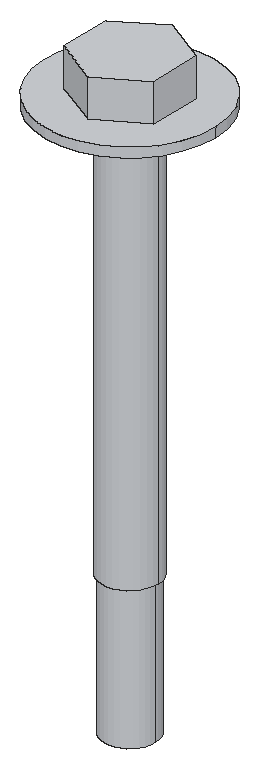
Revit family "Generic ISO Metric Bolt", category Generic Models, Revit 2022 (continued)
Types in the file's own list only (983): name | r2 | Default Elevation | Thread Material | Shank | Nominal Diameter | Material | Length
  M14 x 200 w/shank Steel galvanized | 7 mm | 1219 mm | GIMBA - Steel galvanized - M14 thread | Yes | 14 mm | GIMBA - Steel galvanized | 200 mm
  M14 x 220 Steel galvanized | 7 mm | 1219 mm | GIMBA - Steel galvanized - M14 thread | No | 14 mm | GIMBA - Steel galvanized | 220 mm
  M14 x 220 w/shank Steel galvanized | 7 mm | 1219 mm | GIMBA - Steel galvanized - M14 thread | Yes | 14 mm | GIMBA - Steel galvanized | 220 mm
  M16 x 12 Steel galvanized | 8 mm | 1219 mm | GIMBA - Steel galvanized - M16 thread | No | 16 mm | GIMBA - Steel galvanized | 12 mm
  M16 x 16 Steel galvanized | 8 mm | 1219 mm | GIMBA - Steel galvanized - M16 thread | No | 16 mm | GIMBA - Steel galvanized | 16 mm
  M16 x 20 Steel galvanized | 8 mm | 1219 mm | GIMBA - Steel galvanized - M16 thread | No | 16 mm | GIMBA - Steel galvanized | 20 mm
  M16 x 25 Steel galvanized | 8 mm | 1219 mm | GIMBA - Steel galvanized - M16 thread | No | 16 mm | GIMBA - Steel galvanized | 25 mm
  M16 x 30 Steel galvanized | 8 mm | 1219 mm | GIMBA - Steel galvanized - M16 thread | No | 16 mm | GIMBA - Steel galvanized | 30 mm
  M16 x 35 Steel galvanized | 8 mm | 1219 mm | GIMBA - Steel galvanized - M16 thread | No | 16 mm | GIMBA - Steel galvanized | 35 mm
  M16 x 40 Steel galvanized | 8 mm | 1219 mm | GIMBA - Steel galvanized - M16 thread | No | 16 mm | GIMBA - Steel galvanized | 40 mm
  M16 x 45 Steel galvanized | 8 mm | 1219 mm | GIMBA - Steel galvanized - M16 thread | No | 16 mm | GIMBA - Steel galvanized | 45 mm
  M16 x 50 Steel galvanized | 8 mm | 1219 mm | GIMBA - Steel galvanized - M16 thread | No | 16 mm | GIMBA - Steel galvanized | 50 mm
  M16 x 55 Steel galvanized | 8 mm | 1219 mm | GIMBA - Steel galvanized - M16 thread | No | 16 mm | GIMBA - Steel galvanized | 55 mm
  M16 x 55 w/shank Steel galvanized | 8 mm | 1219 mm | GIMBA - Steel galvanized - M16 thread | Yes | 16 mm | GIMBA - Steel galvanized | 55 mm
  M16 x 60 Steel galvanized | 8 mm | 1219 mm | GIMBA - Steel galvanized - M16 thread | No | 16 mm | GIMBA - Steel galvanized | 60 mm
  M16 x 60 w/shank Steel galvanized | 8 mm | 1219 mm | GIMBA - Steel galvanized - M16 thread | Yes | 16 mm | GIMBA - Steel galvanized | 60 mm
  M16 x 65 Steel galvanized | 8 mm | 1219 mm | GIMBA - Steel galvanized - M16 thread | No | 16 mm | GIMBA - Steel galvanized | 65 mm
  M16 x 65 w/shank Steel galvanized | 8 mm | 1219 mm | GIMBA - Steel galvanized - M16 thread | Yes | 16 mm | GIMBA - Steel galvanized | 65 mm
  M16 x 70 Steel galvanized | 8 mm | 1219 mm | GIMBA - Steel galvanized - M16 thread | No | 16 mm | GIMBA - Steel galvanized | 70 mm
  M16 x 70 w/shank Steel galvanized | 8 mm | 1219 mm | GIMBA - Steel galvanized - M16 thread | Yes | 16 mm | GIMBA - Steel galvanized | 70 mm
  M16 x 75 Steel galvanized | 8 mm | 1219 mm | GIMBA - Steel galvanized - M16 thread | No | 16 mm | GIMBA - Steel galvanized | 75 mm
  M16 x 75 w/shank Steel galvanized | 8 mm | 1219 mm | GIMBA - Steel galvanized - M16 thread | Yes | 16 mm | GIMBA - Steel galvanized | 75 mm
  M16 x 80 Steel galvanized | 8 mm | 1219 mm | GIMBA - Steel galvanized - M16 thread | No | 16 mm | GIMBA - Steel galvanized | 80 mm
  M16 x 80 w/shank Steel galvanized | 8 mm | 1219 mm | GIMBA - Steel galvanized - M16 thread | Yes | 16 mm | GIMBA - Steel galvanized | 80 mm
  M16 x 85 Steel galvanized | 8 mm | 1219 mm | GIMBA - Steel galvanized - M16 thread | No | 16 mm | GIMBA - Steel galvanized | 85 mm
  M16 x 85 w/shank Steel galvanized | 8 mm | 1219 mm | GIMBA - Steel galvanized - M16 thread | Yes | 16 mm | GIMBA - Steel galvanized | 85 mm
  M16 x 90 Steel galvanized | 8 mm | 1219 mm | GIMBA - Steel galvanized - M16 thread | No | 16 mm | GIMBA - Steel galvanized | 90 mm
  M16 x 90 w/shank Steel galvanized | 8 mm | 1219 mm | GIMBA - Steel galvanized - M16 thread | Yes | 16 mm | GIMBA - Steel galvanized | 90 mm
  M16 x 95 Steel galvanized | 8 mm | 1219 mm | GIMBA - Steel galvanized - M16 thread | No | 16 mm | GIMBA - Steel galvanized | 95 mm
  M16 x 95 w/shank Steel galvanized | 8 mm | 1219 mm | GIMBA - Steel galvanized - M16 thread | Yes | 16 mm | GIMBA - Steel galvanized | 95 mm
  M16 x 100 Steel galvanized | 8 mm | 1219 mm | GIMBA - Steel galvanized - M16 thread | No | 16 mm | GIMBA - Steel galvanized | 100 mm
  M16 x 100 w/shank Steel galvanized | 8 mm | 1219 mm | GIMBA - Steel galvanized - M16 thread | Yes | 16 mm | GIMBA - Steel galvanized | 100 mm
  M16 x 110 Steel galvanized | 8 mm | 1219 mm | GIMBA - Steel galvanized - M16 thread | No | 16 mm | GIMBA - Steel galvanized | 110 mm
  M16 x 110 w/shank Steel galvanized | 8 mm | 1219 mm | GIMBA - Steel galvanized - M16 thread | Yes | 16 mm | GIMBA - Steel galvanized | 110 mm
  M16 x 120 Steel galvanized | 8 mm | 1219 mm | GIMBA - Steel galvanized - M16 thread | No | 16 mm | GIMBA - Steel galvanized | 120 mm
  M16 x 120 w/shank Steel galvanized | 8 mm | 1219 mm | GIMBA - Steel galvanized - M16 thread | Yes | 16 mm | GIMBA - Steel galvanized | 120 mm
  M16 x 130 Steel galvanized | 8 mm | 1219 mm | GIMBA - Steel galvanized - M16 thread | No | 16 mm | GIMBA - Steel galvanized | 130 mm
  M16 x 130 w/shank Steel galvanized | 8 mm | 1219 mm | GIMBA - Steel galvanized - M16 thread | Yes | 16 mm | GIMBA - Steel galvanized | 130 mm
  M16 x 140 Steel galvanized | 8 mm | 1219 mm | GIMBA - Steel galvanized - M16 thread | No | 16 mm | GIMBA - Steel galvanized | 140 mm
  M16 x 140 w/shank Steel galvanized | 8 mm | 1219 mm | GIMBA - Steel galvanized - M16 thread | Yes | 16 mm | GIMBA - Steel galvanized | 140 mm
  M16 x 150 Steel galvanized | 8 mm | 1219 mm | GIMBA - Steel galvanized - M16 thread | No | 16 mm | GIMBA - Steel galvanized | 150 mm
  M16 x 150 w/shank Steel galvanized | 8 mm | 1219 mm | GIMBA - Steel galvanized - M16 thread | Yes | 16 mm | GIMBA - Steel galvanized | 150 mm
  M16 x 160 Steel galvanized | 8 mm | 1219 mm | GIMBA - Steel galvanized - M16 thread | No | 16 mm | GIMBA - Steel galvanized | 160 mm
  M16 x 160 w/shank Steel galvanized | 8 mm | 1219 mm | GIMBA - Steel galvanized - M16 thread | Yes | 16 mm | GIMBA - Steel galvanized | 160 mm
  M16 x 170 Steel galvanized | 8 mm | 1219 mm | GIMBA - Steel galvanized - M16 thread | No | 16 mm | GIMBA - Steel galvanized | 170 mm
  M16 x 170 w/shank Steel galvanized | 8 mm | 1219 mm | GIMBA - Steel galvanized - M16 thread | Yes | 16 mm | GIMBA - Steel galvanized | 170 mm
  M16 x 180 Steel galvanized | 8 mm | 1219 mm | GIMBA - Steel galvanized - M16 thread | No | 16 mm | GIMBA - Steel galvanized | 180 mm
  M16 x 180 w/shank Steel galvanized | 8 mm | 1219 mm | GIMBA - Steel galvanized - M16 thread | Yes | 16 mm | GIMBA - Steel galvanized | 180 mm
  M16 x 190 Steel galvanized | 8 mm | 1219 mm | GIMBA - Steel galvanized - M16 thread | No | 16 mm | GIMBA - Steel galvanized | 190 mm
  M16 x 190 w/shank Steel galvanized | 8 mm | 1219 mm | GIMBA - Steel galvanized - M16 thread | Yes | 16 mm | GIMBA - Steel galvanized | 190 mm
  M16 x 200 Steel galvanized | 8 mm | 1219 mm | GIMBA - Steel galvanized - M16 thread | No | 16 mm | GIMBA - Steel galvanized | 200 mm
  M16 x 200 w/shank Steel galvanized | 8 mm | 1219 mm | GIMBA - Steel galvanized - M16 thread | Yes | 16 mm | GIMBA - Steel galvanized | 200 mm
  M16 x 210 Steel galvanized | 8 mm | 1219 mm | GIMBA - Steel galvanized - M16 thread | No | 16 mm | GIMBA - Steel galvanized | 210 mm
  M16 x 210 w/shank Steel galvanized | 8 mm | 1219 mm | GIMBA - Steel galvanized - M16 thread | Yes | 16 mm | GIMBA - Steel galvanized | 210 mm
  M16 x 220 Steel galvanized | 8 mm | 1219 mm | GIMBA - Steel galvanized - M16 thread | No | 16 mm | GIMBA - Steel galvanized | 220 mm
  M16 x 220 w/shank Steel galvanized | 8 mm | 1219 mm | GIMBA - Steel galvanized - M16 thread | Yes | 16 mm | GIMBA - Steel galvanized | 220 mm
  M16 x 230 Steel galvanized | 8 mm | 1219 mm | GIMBA - Steel galvanized - M16 thread | No | 16 mm | GIMBA - Steel galvanized | 230 mm
  M16 x 230 w/shank Steel galvanized | 8 mm | 1219 mm | GIMBA - Steel galvanized - M16 thread | Yes | 16 mm | GIMBA - Steel galvanized | 230 mm
  M16 x 240 Steel galvanized | 8 mm | 1219 mm | GIMBA - Steel galvanized - M16 thread | No | 16 mm | GIMBA - Steel galvanized | 240 mm
  M16 x 240 w/shank Steel galvanized | 8 mm | 1219 mm | GIMBA - Steel galvanized - M16 thread | Yes | 16 mm | GIMBA - Steel galvanized | 240 mm
  M16 x 250 Steel galvanized | 8 mm | 1219 mm | GIMBA - Steel galvanized - M16 thread | No | 16 mm | GIMBA - Steel galvanized | 250 mm
  M16 x 250 w/shank Steel galvanized | 8 mm | 1219 mm | GIMBA - Steel galvanized - M16 thread | Yes | 16 mm | GIMBA - Steel galvanized | 250 mm
  M16 x 260 Steel galvanized | 8 mm | 1219 mm | GIMBA - Steel galvanized - M16 thread | No | 16 mm | GIMBA - Steel galvanized | 260 mm
  M16 x 260 w/shank Steel galvanized | 8 mm | 1219 mm | GIMBA - Steel galvanized - M16 thread | Yes | 16 mm | GIMBA - Steel galvanized | 260 mm
  M16 x 280 Steel galvanized | 8 mm | 1219 mm | GIMBA - Steel galvanized - M16 thread | No | 16 mm | GIMBA - Steel galvanized | 280 mm
  M16 x 280 w/shank Steel galvanized | 8 mm | 1219 mm | GIMBA - Steel galvanized - M16 thread | Yes | 16 mm | GIMBA - Steel galvanized | 280 mm
  M16 x 300 Steel galvanized | 8 mm | 1219 mm | GIMBA - Steel galvanized - M16 thread | No | 16 mm | GIMBA - Steel galvanized | 300 mm
  M16 x 300 w/shank Steel galvanized | 8 mm | 1219 mm | GIMBA - Steel galvanized - M16 thread | Yes | 16 mm | GIMBA - Steel galvanized | 300 mm
  M16 x 320 Steel galvanized | 8 mm | 1219 mm | GIMBA - Steel galvanized - M16 thread | No | 16 mm | GIMBA - Steel galvanized | 320 mm
  M16 x 320 w/shank Steel galvanized | 8 mm | 1219 mm | GIMBA - Steel galvanized - M16 thread | Yes | 16 mm | GIMBA - Steel galvanized | 320 mm
  M16 x 340 Steel galvanized | 8 mm | 1219 mm | GIMBA - Steel galvanized - M16 thread | No | 16 mm | GIMBA - Steel galvanized | 340 mm
  M16 x 340 w/shank Steel galvanized | 8 mm | 1219 mm | GIMBA - Steel galvanized - M16 thread | Yes | 16 mm | GIMBA - Steel galvanized | 340 mm
  M16 x 400 Steel galvanized | 8 mm | 1219 mm | GIMBA - Steel galvanized - M16 thread | No | 16 mm | GIMBA - Steel galvanized | 400 mm
  M16 x 400 w/shank Steel galvanized | 8 mm | 1219 mm | GIMBA - Steel galvanized - M16 thread | Yes | 16 mm | GIMBA - Steel galvanized | 400 mm
  M16 x 500 Steel galvanized | 8 mm | 1219 mm | GIMBA - Steel galvanized - M16 thread | No | 16 mm | GIMBA - Steel galvanized | 500 mm
  M16 x 500 w/shank Steel galvanized | 8 mm | 1219 mm | GIMBA - Steel galvanized - M16 thread | Yes | 16 mm | GIMBA - Steel galvanized | 500 mm
  M18 x 20 Steel galvanized | 9 mm | 1219 mm | GIMBA - Steel galvanized - M18 thread | No | 18 mm | GIMBA - Steel galvanized | 20 mm
  M18 x 25 Steel galvanized | 9 mm | 1219 mm | GIMBA - Steel galvanized - M18 thread | No | 18 mm | GIMBA - Steel galvanized | 25 mm
  M18 x 30 Steel galvanized | 9 mm | 1219 mm | GIMBA - Steel galvanized - M18 thread | No | 18 mm | GIMBA - Steel galvanized | 30 mm
  M18 x 35 Steel galvanized | 9 mm | 1219 mm | GIMBA - Steel galvanized - M18 thread | No | 18 mm | GIMBA - Steel galvanized | 35 mm
  M18 x 40 Steel galvanized | 9 mm | 1219 mm | GIMBA - Steel galvanized - M18 thread | No | 18 mm | GIMBA - Steel galvanized | 40 mm
  M18 x 45 Steel galvanized | 9 mm | 1219 mm | GIMBA - Steel galvanized - M18 thread | No | 18 mm | GIMBA - Steel galvanized | 45 mm
  M18 x 50 Steel galvanized | 9 mm | 1219 mm | GIMBA - Steel galvanized - M18 thread | No | 18 mm | GIMBA - Steel galvanized | 50 mm
  M18 x 55 Steel galvanized | 9 mm | 1219 mm | GIMBA - Steel galvanized - M18 thread | No | 18 mm | GIMBA - Steel galvanized | 55 mm
  M18 x 55 w/shank Steel galvanized | 9 mm | 1219 mm | GIMBA - Steel galvanized - M18 thread | Yes | 18 mm | GIMBA - Steel galvanized | 55 mm
  M18 x 60 Steel galvanized | 9 mm | 1219 mm | GIMBA - Steel galvanized - M18 thread | No | 18 mm | GIMBA - Steel galvanized | 60 mm
  M18 x 60 w/shank Steel galvanized | 9 mm | 1219 mm | GIMBA - Steel galvanized - M18 thread | Yes | 18 mm | GIMBA - Steel galvanized | 60 mm
  M18 x 65 Steel galvanized | 9 mm | 1219 mm | GIMBA - Steel galvanized - M18 thread | No | 18 mm | GIMBA - Steel galvanized | 65 mm
  M18 x 65 w/shank Steel galvanized | 9 mm | 1219 mm | GIMBA - Steel galvanized - M18 thread | Yes | 18 mm | GIMBA - Steel galvanized | 65 mm
  M18 x 70 Steel galvanized | 9 mm | 1219 mm | GIMBA - Steel galvanized - M18 thread | No | 18 mm | GIMBA - Steel galvanized | 70 mm
  M18 x 70 w/shank Steel galvanized | 9 mm | 1219 mm | GIMBA - Steel galvanized - M18 thread | Yes | 18 mm | GIMBA - Steel galvanized | 70 mm
  M18 x 75 Steel galvanized | 9 mm | 1219 mm | GIMBA - Steel galvanized - M18 thread | No | 18 mm | GIMBA - Steel galvanized | 75 mm
  M18 x 75 w/shank Steel galvanized | 9 mm | 1219 mm | GIMBA - Steel galvanized - M18 thread | Yes | 18 mm | GIMBA - Steel galvanized | 75 mm
  M18 x 80 Steel galvanized | 9 mm | 1219 mm | GIMBA - Steel galvanized - M18 thread | No | 18 mm | GIMBA - Steel galvanized | 80 mm
  M18 x 80 w/shank Steel galvanized | 9 mm | 1219 mm | GIMBA - Steel galvanized - M18 thread | Yes | 18 mm | GIMBA - Steel galvanized | 80 mm
  M18 x 85 Steel galvanized | 9 mm | 1219 mm | GIMBA - Steel galvanized - M18 thread | No | 18 mm | GIMBA - Steel galvanized | 85 mm
  M18 x 85 w/shank Steel galvanized | 9 mm | 1219 mm | GIMBA - Steel galvanized - M18 thread | Yes | 18 mm | GIMBA - Steel galvanized | 85 mm
  M18 x 90 Steel galvanized | 9 mm | 1219 mm | GIMBA - Steel galvanized - M18 thread | No | 18 mm | GIMBA - Steel galvanized | 90 mm
  M18 x 90 w/shank Steel galvanized | 9 mm | 1219 mm | GIMBA - Steel galvanized - M18 thread | Yes | 18 mm | GIMBA - Steel galvanized | 90 mm
  M18 x 100 Steel galvanized | 9 mm | 1219 mm | GIMBA - Steel galvanized - M18 thread | No | 18 mm | GIMBA - Steel galvanized | 100 mm
  M18 x 100 w/shank Steel galvanized | 9 mm | 1219 mm | GIMBA - Steel galvanized - M18 thread | Yes | 18 mm | GIMBA - Steel galvanized | 100 mm
  M18 x 110 Steel galvanized | 9 mm | 1219 mm | GIMBA - Steel galvanized - M18 thread | No | 18 mm | GIMBA - Steel galvanized | 110 mm
  M18 x 110 w/shank Steel galvanized | 9 mm | 1219 mm | GIMBA - Steel galvanized - M18 thread | Yes | 18 mm | GIMBA - Steel galvanized | 110 mm
  M18 x 120 Steel galvanized | 9 mm | 1219 mm | GIMBA - Steel galvanized - M18 thread | No | 18 mm | GIMBA - Steel galvanized | 120 mm
  M18 x 120 w/shank Steel galvanized | 9 mm | 1219 mm | GIMBA - Steel galvanized - M18 thread | Yes | 18 mm | GIMBA - Steel galvanized | 120 mm
  M18 x 130 Steel galvanized | 9 mm | 1219 mm | GIMBA - Steel galvanized - M18 thread | No | 18 mm | GIMBA - Steel galvanized | 130 mm
  M18 x 130 w/shank Steel galvanized | 9 mm | 1219 mm | GIMBA - Steel galvanized - M18 thread | Yes | 18 mm | GIMBA - Steel galvanized | 130 mm
  M18 x 140 Steel galvanized | 9 mm | 1219 mm | GIMBA - Steel galvanized - M18 thread | No | 18 mm | GIMBA - Steel galvanized | 140 mm
  M18 x 140 w/shank Steel galvanized | 9 mm | 1219 mm | GIMBA - Steel galvanized - M18 thread | Yes | 18 mm | GIMBA - Steel galvanized | 140 mm
  M18 x 150 Steel galvanized | 9 mm | 1219 mm | GIMBA - Steel galvanized - M18 thread | No | 18 mm | GIMBA - Steel galvanized | 150 mm
  M18 x 150 w/shank Steel galvanized | 9 mm | 1219 mm | GIMBA - Steel galvanized - M18 thread | Yes | 18 mm | GIMBA - Steel galvanized | 150 mm
  M18 x 160 Steel galvanized | 9 mm | 1219 mm | GIMBA - Steel galvanized - M18 thread | No | 18 mm | GIMBA - Steel galvanized | 160 mm
  M18 x 160 w/shank Steel galvanized | 9 mm | 1219 mm | GIMBA - Steel galvanized - M18 thread | Yes | 18 mm | GIMBA - Steel galvanized | 160 mm
  M18 x 170 Steel galvanized | 9 mm | 1219 mm | GIMBA - Steel galvanized - M18 thread | No | 18 mm | GIMBA - Steel galvanized | 170 mm
  M18 x 170 w/shank Steel galvanized | 9 mm | 1219 mm | GIMBA - Steel galvanized - M18 thread | Yes | 18 mm | GIMBA - Steel galvanized | 170 mm
  M18 x 180 Steel galvanized | 9 mm | 1219 mm | GIMBA - Steel galvanized - M18 thread | No | 18 mm | GIMBA - Steel galvanized | 180 mm
  M18 x 180 w/shank Steel galvanized | 9 mm | 1219 mm | GIMBA - Steel galvanized - M18 thread | Yes | 18 mm | GIMBA - Steel galvanized | 180 mm
  M18 x 190 Steel galvanized | 9 mm | 1219 mm | GIMBA - Steel galvanized - M18 thread | No | 18 mm | GIMBA - Steel galvanized | 190 mm
  M18 x 190 w/shank Steel galvanized | 9 mm | 1219 mm | GIMBA - Steel galvanized - M18 thread | Yes | 18 mm | GIMBA - Steel galvanized | 190 mm
  M18 x 200 Steel galvanized | 9 mm | 1219 mm | GIMBA - Steel galvanized - M18 thread | No | 18 mm | GIMBA - Steel galvanized | 200 mm
  M18 x 200 w/shank Steel galvanized | 9 mm | 1219 mm | GIMBA - Steel galvanized - M18 thread | Yes | 18 mm | GIMBA - Steel galvanized | 200 mm
  M20 x 20 Steel galvanized | 10 mm | 1219 mm | GIMBA - Steel galvanized - M20 thread | No | 20 mm | GIMBA - Steel galvanized | 20 mm
  M20 x 25 Steel galvanized | 10 mm | 1219 mm | GIMBA - Steel galvanized - M20 thread | No | 20 mm | GIMBA - Steel galvanized | 25 mm
  M20 x 30 Steel galvanized | 10 mm | 1219 mm | GIMBA - Steel galvanized - M20 thread | No | 20 mm | GIMBA - Steel galvanized | 30 mm
  M20 x 35 Steel galvanized | 10 mm | 1219 mm | GIMBA - Steel galvanized - M20 thread | No | 20 mm | GIMBA - Steel galvanized | 35 mm
  M20 x 40 Steel galvanized | 10 mm | 1219 mm | GIMBA - Steel galvanized - M20 thread | No | 20 mm | GIMBA - Steel galvanized | 40 mm
  M20 x 45 Steel galvanized | 10 mm | 1219 mm | GIMBA - Steel galvanized - M20 thread | No | 20 mm | GIMBA - Steel galvanized | 45 mm
  M20 x 50 Steel galvanized | 10 mm | 1219 mm | GIMBA - Steel galvanized - M20 thread | No | 20 mm | GIMBA - Steel galvanized | 50 mm
  M20 x 55 Steel galvanized | 10 mm | 1219 mm | GIMBA - Steel galvanized - M20 thread | No | 20 mm | GIMBA - Steel galvanized | 55 mm
  M20 x 55 w/shank Steel galvanized | 10 mm | 1219 mm | GIMBA - Steel galvanized - M20 thread | Yes | 20 mm | GIMBA - Steel galvanized | 55 mm
  M20 x 60 Steel galvanized | 10 mm | 1219 mm | GIMBA - Steel galvanized - M20 thread | No | 20 mm | GIMBA - Steel galvanized | 60 mm
  M20 x 60 w/shank Steel galvanized | 10 mm | 1219 mm | GIMBA - Steel galvanized - M20 thread | Yes | 20 mm | GIMBA - Steel galvanized | 60 mm
  M20 x 65 Steel galvanized | 10 mm | 1219 mm | GIMBA - Steel galvanized - M20 thread | No | 20 mm | GIMBA - Steel galvanized | 65 mm
  M20 x 65 w/shank Steel galvanized | 10 mm | 1219 mm | GIMBA - Steel galvanized - M20 thread | Yes | 20 mm | GIMBA - Steel galvanized | 65 mm
  M20 x 70 Steel galvanized | 10 mm | 1219 mm | GIMBA - Steel galvanized - M20 thread | No | 20 mm | GIMBA - Steel galvanized | 70 mm
  M20 x 70 w/shank Steel galvanized | 10 mm | 1219 mm | GIMBA - Steel galvanized - M20 thread | Yes | 20 mm | GIMBA - Steel galvanized | 70 mm
  M20 x 75 Steel galvanized | 10 mm | 1219 mm | GIMBA - Steel galvanized - M20 thread | No | 20 mm | GIMBA - Steel galvanized | 75 mm
  M20 x 75 w/shank Steel galvanized | 10 mm | 1219 mm | GIMBA - Steel galvanized - M20 thread | Yes | 20 mm | GIMBA - Steel galvanized | 75 mm
  M20 x 80 Steel galvanized | 10 mm | 1219 mm | GIMBA - Steel galvanized - M20 thread | No | 20 mm | GIMBA - Steel galvanized | 80 mm
  M20 x 80 w/shank Steel galvanized | 10 mm | 1219 mm | GIMBA - Steel galvanized - M20 thread | Yes | 20 mm | GIMBA - Steel galvanized | 80 mm
  M20 x 85 Steel galvanized | 10 mm | 1219 mm | GIMBA - Steel galvanized - M20 thread | No | 20 mm | GIMBA - Steel galvanized | 85 mm
  M20 x 85 w/shank Steel galvanized | 10 mm | 1219 mm | GIMBA - Steel galvanized - M20 thread | Yes | 20 mm | GIMBA - Steel galvanized | 85 mm
  M20 x 90 Steel galvanized | 10 mm | 1219 mm | GIMBA - Steel galvanized - M20 thread | No | 20 mm | GIMBA - Steel galvanized | 90 mm
  M20 x 90 w/shank Steel galvanized | 10 mm | 1219 mm | GIMBA - Steel galvanized - M20 thread | Yes | 20 mm | GIMBA - Steel galvanized | 90 mm
  M20 x 100 Steel galvanized | 10 mm | 1219 mm | GIMBA - Steel galvanized - M20 thread | No | 20 mm | GIMBA - Steel galvanized | 100 mm
  M20 x 100 w/shank Steel galvanized | 10 mm | 1219 mm | GIMBA - Steel galvanized - M20 thread | Yes | 20 mm | GIMBA - Steel galvanized | 100 mm
  M20 x 110 Steel galvanized | 10 mm | 1219 mm | GIMBA - Steel galvanized - M20 thread | No | 20 mm | GIMBA - Steel galvanized | 110 mm
  M20 x 110 w/shank Steel galvanized | 10 mm | 1219 mm | GIMBA - Steel galvanized - M20 thread | Yes | 20 mm | GIMBA - Steel galvanized | 110 mm
  M20 x 120 Steel galvanized | 10 mm | 1219 mm | GIMBA - Steel galvanized - M20 thread | No | 20 mm | GIMBA - Steel galvanized | 120 mm
  M20 x 120 w/shank Steel galvanized | 10 mm | 1219 mm | GIMBA - Steel galvanized - M20 thread | Yes | 20 mm | GIMBA - Steel galvanized | 120 mm
  M20 x 130 Steel galvanized | 10 mm | 1219 mm | GIMBA - Steel galvanized - M20 thread | No | 20 mm | GIMBA - Steel galvanized | 130 mm
  M20 x 130 w/shank Steel galvanized | 10 mm | 1219 mm | GIMBA - Steel galvanized - M20 thread | Yes | 20 mm | GIMBA - Steel galvanized | 130 mm
  M20 x 140 Steel galvanized | 10 mm | 1219 mm | GIMBA - Steel galvanized - M20 thread | No | 20 mm | GIMBA - Steel galvanized | 140 mm
  M20 x 140 w/shank Steel galvanized | 10 mm | 1219 mm | GIMBA - Steel galvanized - M20 thread | Yes | 20 mm | GIMBA - Steel galvanized | 140 mm
  M20 x 150 Steel galvanized | 10 mm | 1219 mm | GIMBA - Steel galvanized - M20 thread | No | 20 mm | GIMBA - Steel galvanized | 150 mm
  M20 x 150 w/shank Steel galvanized | 10 mm | 1219 mm | GIMBA - Steel galvanized - M20 thread | Yes | 20 mm | GIMBA - Steel galvanized | 150 mm
  M20 x 160 Steel galvanized | 10 mm | 1219 mm | GIMBA - Steel galvanized - M20 thread | No | 20 mm | GIMBA - Steel galvanized | 160 mm
  M20 x 160 w/shank Steel galvanized | 10 mm | 1219 mm | GIMBA - Steel galvanized - M20 thread | Yes | 20 mm | GIMBA - Steel galvanized | 160 mm
  M20 x 170 Steel galvanized | 10 mm | 1219 mm | GIMBA - Steel galvanized - M20 thread | No | 20 mm | GIMBA - Steel galvanized | 170 mm
  M20 x 170 w/shank Steel galvanized | 10 mm | 1219 mm | GIMBA - Steel galvanized - M20 thread | Yes | 20 mm | GIMBA - Steel galvanized | 170 mm
  M20 x 180 Steel galvanized | 10 mm | 1219 mm | GIMBA - Steel galvanized - M20 thread | No | 20 mm | GIMBA - Steel galvanized | 180 mm
  M20 x 180 w/shank Steel galvanized | 10 mm | 1219 mm | GIMBA - Steel galvanized - M20 thread | Yes | 20 mm | GIMBA - Steel galvanized | 180 mm
  M20 x 190 Steel galvanized | 10 mm | 1219 mm | GIMBA - Steel galvanized - M20 thread | No | 20 mm | GIMBA - Steel galvanized | 190 mm
  M20 x 190 w/shank Steel galvanized | 10 mm | 1219 mm | GIMBA - Steel galvanized - M20 thread | Yes | 20 mm | GIMBA - Steel galvanized | 190 mm
  M20 x 200 Steel galvanized | 10 mm | 1219 mm | GIMBA - Steel galvanized - M20 thread | No | 20 mm | GIMBA - Steel galvanized | 200 mm
  M20 x 200 w/shank Steel galvanized | 10 mm | 1219 mm | GIMBA - Steel galvanized - M20 thread | Yes | 20 mm | GIMBA - Steel galvanized | 200 mm
  M20 x 210 Steel galvanized | 10 mm | 1219 mm | GIMBA - Steel galvanized - M20 thread | No | 20 mm | GIMBA - Steel galvanized | 210 mm
  M20 x 210 w/shank Steel galvanized | 10 mm | 1219 mm | GIMBA - Steel galvanized - M20 thread | Yes | 20 mm | GIMBA - Steel galvanized | 210 mm
  M20 x 220 Steel galvanized | 10 mm | 1219 mm | GIMBA - Steel galvanized - M20 thread | No | 20 mm | GIMBA - Steel galvanized | 220 mm
  M20 x 220 w/shank Steel galvanized | 10 mm | 1219 mm | GIMBA - Steel galvanized - M20 thread | Yes | 20 mm | GIMBA - Steel galvanized | 220 mm
  M20 x 230 Steel galvanized | 10 mm | 1219 mm | GIMBA - Steel galvanized - M20 thread | No | 20 mm | GIMBA - Steel galvanized | 230 mm
  M20 x 230 w/shank Steel galvanized | 10 mm | 1219 mm | GIMBA - Steel galvanized - M20 thread | Yes | 20 mm | GIMBA - Steel galvanized | 230 mm
  M20 x 240 Steel galvanized | 10 mm | 1219 mm | GIMBA - Steel galvanized - M20 thread | No | 20 mm | GIMBA - Steel galvanized | 240 mm
  M20 x 240 w/shank Steel galvanized | 10 mm | 1219 mm | GIMBA - Steel galvanized - M20 thread | Yes | 20 mm | GIMBA - Steel galvanized | 240 mm
  M20 x 250 Steel galvanized | 10 mm | 1219 mm | GIMBA - Steel galvanized - M20 thread | No | 20 mm | GIMBA - Steel galvanized | 250 mm
  M20 x 250 w/shank Steel galvanized | 10 mm | 1219 mm | GIMBA - Steel galvanized - M20 thread | Yes | 20 mm | GIMBA - Steel galvanized | 250 mm
  M20 x 260 Steel galvanized | 10 mm | 1219 mm | GIMBA - Steel galvanized - M20 thread | No | 20 mm | GIMBA - Steel galvanized | 260 mm
  M20 x 260 w/shank Steel galvanized | 10 mm | 1219 mm | GIMBA - Steel galvanized - M20 thread | Yes | 20 mm | GIMBA - Steel galvanized | 260 mm
  M20 x 280 Steel galvanized | 10 mm | 1219 mm | GIMBA - Steel galvanized - M20 thread | No | 20 mm | GIMBA - Steel galvanized | 280 mm
  M20 x 280 w/shank Steel galvanized | 10 mm | 1219 mm | GIMBA - Steel galvanized - M20 thread | Yes | 20 mm | GIMBA - Steel galvanized | 280 mm
  M20 x 300 Steel galvanized | 10 mm | 1219 mm | GIMBA - Steel galvanized - M20 thread | No | 20 mm | GIMBA - Steel galvanized | 300 mm
  M20 x 300 w/shank Steel galvanized | 10 mm | 1219 mm | GIMBA - Steel galvanized - M20 thread | Yes | 20 mm | GIMBA - Steel galvanized | 300 mm
  M20 x 360 Steel galvanized | 10 mm | 1219 mm | GIMBA - Steel galvanized - M20 thread | No | 20 mm | GIMBA - Steel galvanized | 360 mm
  M20 x 360 w/shank Steel galvanized | 10 mm | 1219 mm | GIMBA - Steel galvanized - M20 thread | Yes | 20 mm | GIMBA - Steel galvanized | 360 mm
  M22 x 30 Steel galvanized | 11 mm | 1219 mm | GIMBA - Steel galvanized - M22 thread | No | 22 mm | GIMBA - Steel galvanized | 30 mm
  M22 x 35 Steel galvanized | 11 mm | 1219 mm | GIMBA - Steel galvanized - M22 thread | No | 22 mm | GIMBA - Steel galvanized | 35 mm
  M22 x 40 Steel galvanized | 11 mm | 1219 mm | GIMBA - Steel galvanized - M22 thread | No | 22 mm | GIMBA - Steel galvanized | 40 mm
  M22 x 45 Steel galvanized | 11 mm | 1219 mm | GIMBA - Steel galvanized - M22 thread | No | 22 mm | GIMBA - Steel galvanized | 45 mm
  M22 x 50 Steel galvanized | 11 mm | 1219 mm | GIMBA - Steel galvanized - M22 thread | No | 22 mm | GIMBA - Steel galvanized | 50 mm
  M22 x 55 Steel galvanized | 11 mm | 1219 mm | GIMBA - Steel galvanized - M22 thread | No | 22 mm | GIMBA - Steel galvanized | 55 mm
  M22 x 55 w/shank Steel galvanized | 11 mm | 1219 mm | GIMBA - Steel galvanized - M22 thread | Yes | 22 mm | GIMBA - Steel galvanized | 55 mm
  M22 x 60 Steel galvanized | 11 mm | 1219 mm | GIMBA - Steel galvanized - M22 thread | No | 22 mm | GIMBA - Steel galvanized | 60 mm
  M22 x 60 w/shank Steel galvanized | 11 mm | 1219 mm | GIMBA - Steel galvanized - M22 thread | Yes | 22 mm | GIMBA - Steel galvanized | 60 mm
  M22 x 65 Steel galvanized | 11 mm | 1219 mm | GIMBA - Steel galvanized - M22 thread | No | 22 mm | GIMBA - Steel galvanized | 65 mm
  M22 x 65 w/shank Steel galvanized | 11 mm | 1219 mm | GIMBA - Steel galvanized - M22 thread | Yes | 22 mm | GIMBA - Steel galvanized | 65 mm
  M22 x 70 Steel galvanized | 11 mm | 1219 mm | GIMBA - Steel galvanized - M22 thread | No | 22 mm | GIMBA - Steel galvanized | 70 mm
  M22 x 70 w/shank Steel galvanized | 11 mm | 1219 mm | GIMBA - Steel galvanized - M22 thread | Yes | 22 mm | GIMBA - Steel galvanized | 70 mm
  M22 x 75 Steel galvanized | 11 mm | 1219 mm | GIMBA - Steel galvanized - M22 thread | No | 22 mm | GIMBA - Steel galvanized | 75 mm
  M22 x 75 w/shank Steel galvanized | 11 mm | 1219 mm | GIMBA - Steel galvanized - M22 thread | Yes | 22 mm | GIMBA - Steel galvanized | 75 mm
  M22 x 80 Steel galvanized | 11 mm | 1219 mm | GIMBA - Steel galvanized - M22 thread | No | 22 mm | GIMBA - Steel galvanized | 80 mm
  M22 x 80 w/shank Steel galvanized | 11 mm | 1219 mm | GIMBA - Steel galvanized - M22 thread | Yes | 22 mm | GIMBA - Steel galvanized | 80 mm
  M22 x 90 Steel galvanized | 11 mm | 1219 mm | GIMBA - Steel galvanized - M22 thread | No | 22 mm | GIMBA - Steel galvanized | 90 mm
  M22 x 90 w/shank Steel galvanized | 11 mm | 1219 mm | GIMBA - Steel galvanized - M22 thread | Yes | 22 mm | GIMBA - Steel galvanized | 90 mm
  M22 x 100 Steel galvanized | 11 mm | 1219 mm | GIMBA - Steel galvanized - M22 thread | No | 22 mm | GIMBA - Steel galvanized | 100 mm
  M22 x 100 w/shank Steel galvanized | 11 mm | 1219 mm | GIMBA - Steel galvanized - M22 thread | Yes | 22 mm | GIMBA - Steel galvanized | 100 mm
  M22 x 110 Steel galvanized | 11 mm | 1219 mm | GIMBA - Steel galvanized - M22 thread | No | 22 mm | GIMBA - Steel galvanized | 110 mm
  M22 x 110 w/shank Steel galvanized | 11 mm | 1219 mm | GIMBA - Steel galvanized - M22 thread | Yes | 22 mm | GIMBA - Steel galvanized | 110 mm
  M22 x 120 Steel galvanized | 11 mm | 1219 mm | GIMBA - Steel galvanized - M22 thread | No | 22 mm | GIMBA - Steel galvanized | 120 mm
  M22 x 120 w/shank Steel galvanized | 11 mm | 1219 mm | GIMBA - Steel galvanized - M22 thread | Yes | 22 mm | GIMBA - Steel galvanized | 120 mm
  M22 x 130 Steel galvanized | 11 mm | 1219 mm | GIMBA - Steel galvanized - M22 thread | No | 22 mm | GIMBA - Steel galvanized | 130 mm
  M22 x 130 w/shank Steel galvanized | 11 mm | 1219 mm | GIMBA - Steel galvanized - M22 thread | Yes | 22 mm | GIMBA - Steel galvanized | 130 mm
  M22 x 140 Steel galvanized | 11 mm | 1219 mm | GIMBA - Steel galvanized - M22 thread | No | 22 mm | GIMBA - Steel galvanized | 140 mm
  M22 x 140 w/shank Steel galvanized | 11 mm | 1219 mm | GIMBA - Steel galvanized - M22 thread | Yes | 22 mm | GIMBA - Steel galvanized | 140 mm
  M22 x 150 Steel galvanized | 11 mm | 1219 mm | GIMBA - Steel galvanized - M22 thread | No | 22 mm | GIMBA - Steel galvanized | 150 mm
  M22 x 150 w/shank Steel galvanized | 11 mm | 1219 mm | GIMBA - Steel galvanized - M22 thread | Yes | 22 mm | GIMBA - Steel galvanized | 150 mm
  M22 x 160 Steel galvanized | 11 mm | 1219 mm | GIMBA - Steel galvanized - M22 thread | No | 22 mm | GIMBA - Steel galvanized | 160 mm
  M22 x 160 w/shank Steel galvanized | 11 mm | 1219 mm | GIMBA - Steel galvanized - M22 thread | Yes | 22 mm | GIMBA - Steel galvanized | 160 mm
  M22 x 170 Steel galvanized | 11 mm | 1219 mm | GIMBA - Steel galvanized - M22 thread | No | 22 mm | GIMBA - Steel galvanized | 170 mm
  M22 x 170 w/shank Steel galvanized | 11 mm | 1219 mm | GIMBA - Steel galvanized - M22 thread | Yes | 22 mm | GIMBA - Steel galvanized | 170 mm
  M22 x 180 Steel galvanized | 11 mm | 1219 mm | GIMBA - Steel galvanized - M22 thread | No | 22 mm | GIMBA - Steel galvanized | 180 mm
  M22 x 180 w/shank Steel galvanized | 11 mm | 1219 mm | GIMBA - Steel galvanized - M22 thread | Yes | 22 mm | GIMBA - Steel galvanized | 180 mm
  M22 x 190 Steel galvanized | 11 mm | 1219 mm | GIMBA - Steel galvanized - M22 thread | No | 22 mm | GIMBA - Steel galvanized | 190 mm
  M22 x 190 w/shank Steel galvanized | 11 mm | 1219 mm | GIMBA - Steel galvanized - M22 thread | Yes | 22 mm | GIMBA - Steel galvanized | 190 mm
  M22 x 200 Steel galvanized | 11 mm | 1219 mm | GIMBA - Steel galvanized - M22 thread | No | 22 mm | GIMBA - Steel galvanized | 200 mm
  M22 x 200 w/shank Steel galvanized | 11 mm | 1219 mm | GIMBA - Steel galvanized - M22 thread | Yes | 22 mm | GIMBA - Steel galvanized | 200 mm
  M24 x 25 Steel galvanized | 12 mm | 1219 mm | GIMBA - Steel galvanized - M24 thread | No | 24 mm | GIMBA - Steel galvanized | 25 mm
  M24 x 30 Steel galvanized | 12 mm | 1219 mm | GIMBA - Steel galvanized - M24 thread | No | 24 mm | GIMBA - Steel galvanized | 30 mm
  M24 x 35 Steel galvanized | 12 mm | 1219 mm | GIMBA - Steel galvanized - M24 thread | No | 24 mm | GIMBA - Steel galvanized | 35 mm
  M24 x 40 Steel galvanized | 12 mm | 1219 mm | GIMBA - Steel galvanized - M24 thread | No | 24 mm | GIMBA - Steel galvanized | 40 mm
  M24 x 45 Steel galvanized | 12 mm | 1219 mm | GIMBA - Steel galvanized - M24 thread | No | 24 mm | GIMBA - Steel galvanized | 45 mm
  M24 x 50 Steel galvanized | 12 mm | 1219 mm | GIMBA - Steel galvanized - M24 thread | No | 24 mm | GIMBA - Steel galvanized | 50 mm
  M24 x 55 Steel galvanized | 12 mm | 1219 mm | GIMBA - Steel galvanized - M24 thread | No | 24 mm | GIMBA - Steel galvanized | 55 mm
  M24 x 55 w/shank Steel galvanized | 12 mm | 1219 mm | GIMBA - Steel galvanized - M24 thread | Yes | 24 mm | GIMBA - Steel galvanized | 55 mm
  M24 x 60 Steel galvanized | 12 mm | 1219 mm | GIMBA - Steel galvanized - M24 thread | No | 24 mm | GIMBA - Steel galvanized | 60 mm
  M24 x 60 w/shank Steel galvanized | 12 mm | 1219 mm | GIMBA - Steel galvanized - M24 thread | Yes | 24 mm | GIMBA - Steel galvanized | 60 mm
  M24 x 65 Steel galvanized | 12 mm | 1219 mm | GIMBA - Steel galvanized - M24 thread | No | 24 mm | GIMBA - Steel galvanized | 65 mm
  M24 x 65 w/shank Steel galvanized | 12 mm | 1219 mm | GIMBA - Steel galvanized - M24 thread | Yes | 24 mm | GIMBA - Steel galvanized | 65 mm
  M24 x 70 Steel galvanized | 12 mm | 1219 mm | GIMBA - Steel galvanized - M24 thread | No | 24 mm | GIMBA - Steel galvanized | 70 mm
  M24 x 70 w/shank Steel galvanized | 12 mm | 1219 mm | GIMBA - Steel galvanized - M24 thread | Yes | 24 mm | GIMBA - Steel galvanized | 70 mm
  M24 x 75 Steel galvanized | 12 mm | 1219 mm | GIMBA - Steel galvanized - M24 thread | No | 24 mm | GIMBA - Steel galvanized | 75 mm
  M24 x 75 w/shank Steel galvanized | 12 mm | 1219 mm | GIMBA - Steel galvanized - M24 thread | Yes | 24 mm | GIMBA - Steel galvanized | 75 mm
  M24 x 80 Steel galvanized | 12 mm | 1219 mm | GIMBA - Steel galvanized - M24 thread | No | 24 mm | GIMBA - Steel galvanized | 80 mm
  M24 x 80 w/shank Steel galvanized | 12 mm | 1219 mm | GIMBA - Steel galvanized - M24 thread | Yes | 24 mm | GIMBA - Steel galvanized | 80 mm
  M24 x 85 Steel galvanized | 12 mm | 1219 mm | GIMBA - Steel galvanized - M24 thread | No | 24 mm | GIMBA - Steel galvanized | 85 mm
  M24 x 85 w/shank Steel galvanized | 12 mm | 1219 mm | GIMBA - Steel galvanized - M24 thread | Yes | 24 mm | GIMBA - Steel galvanized | 85 mm
  M24 x 90 Steel galvanized | 12 mm | 1219 mm | GIMBA - Steel galvanized - M24 thread | No | 24 mm | GIMBA - Steel galvanized | 90 mm
  M24 x 90 w/shank Steel galvanized | 12 mm | 1219 mm | GIMBA - Steel galvanized - M24 thread | Yes | 24 mm | GIMBA - Steel galvanized | 90 mm
  M24 x 100 Steel galvanized | 12 mm | 1219 mm | GIMBA - Steel galvanized - M24 thread | No | 24 mm | GIMBA - Steel galvanized | 100 mm
  M24 x 100 w/shank Steel galvanized | 12 mm | 1219 mm | GIMBA - Steel galvanized - M24 thread | Yes | 24 mm | GIMBA - Steel galvanized | 100 mm
  M24 x 110 Steel galvanized | 12 mm | 1219 mm | GIMBA - Steel galvanized - M24 thread | No | 24 mm | GIMBA - Steel galvanized | 110 mm
  M24 x 110 w/shank Steel galvanized | 12 mm | 1219 mm | GIMBA - Steel galvanized - M24 thread | Yes | 24 mm | GIMBA - Steel galvanized | 110 mm
  M24 x 120 Steel galvanized | 12 mm | 1219 mm | GIMBA - Steel galvanized - M24 thread | No | 24 mm | GIMBA - Steel galvanized | 120 mm
  M24 x 120 w/shank Steel galvanized | 12 mm | 1219 mm | GIMBA - Steel galvanized - M24 thread | Yes | 24 mm | GIMBA - Steel galvanized | 120 mm
  M24 x 130 Steel galvanized | 12 mm | 1219 mm | GIMBA - Steel galvanized - M24 thread | No | 24 mm | GIMBA - Steel galvanized | 130 mm
  M24 x 130 w/shank Steel galvanized | 12 mm | 1219 mm | GIMBA - Steel galvanized - M24 thread | Yes | 24 mm | GIMBA - Steel galvanized | 130 mm
  M24 x 140 Steel galvanized | 12 mm | 1219 mm | GIMBA - Steel galvanized - M24 thread | No | 24 mm | GIMBA - Steel galvanized | 140 mm
  M24 x 140 w/shank Steel galvanized | 12 mm | 1219 mm | GIMBA - Steel galvanized - M24 thread | Yes | 24 mm | GIMBA - Steel galvanized | 140 mm
  M24 x 150 Steel galvanized | 12 mm | 1219 mm | GIMBA - Steel galvanized - M24 thread | No | 24 mm | GIMBA - Steel galvanized | 150 mm
  M24 x 150 w/shank Steel galvanized | 12 mm | 1219 mm | GIMBA - Steel galvanized - M24 thread | Yes | 24 mm | GIMBA - Steel galvanized | 150 mm
  M24 x 160 Steel galvanized | 12 mm | 1219 mm | GIMBA - Steel galvanized - M24 thread | No | 24 mm | GIMBA - Steel galvanized | 160 mm
  M24 x 160 w/shank Steel galvanized | 12 mm | 1219 mm | GIMBA - Steel galvanized - M24 thread | Yes | 24 mm | GIMBA - Steel galvanized | 160 mm
  M24 x 170 Steel galvanized | 12 mm | 1219 mm | GIMBA - Steel galvanized - M24 thread | No | 24 mm | GIMBA - Steel galvanized | 170 mm
  M24 x 170 w/shank Steel galvanized | 12 mm | 1219 mm | GIMBA - Steel galvanized - M24 thread | Yes | 24 mm | GIMBA - Steel galvanized | 170 mm
  M24 x 180 Steel galvanized | 12 mm | 1219 mm | GIMBA - Steel galvanized - M24 thread | No | 24 mm | GIMBA - Steel galvanized | 180 mm
  M24 x 180 w/shank Steel galvanized | 12 mm | 1219 mm | GIMBA - Steel galvanized - M24 thread | Yes | 24 mm | GIMBA - Steel galvanized | 180 mm
  M24 x 190 Steel galvanized | 12 mm | 1219 mm | GIMBA - Steel galvanized - M24 thread | No | 24 mm | GIMBA - Steel galvanized | 190 mm
  M24 x 190 w/shank Steel galvanized | 12 mm | 1219 mm | GIMBA - Steel galvanized - M24 thread | Yes | 24 mm | GIMBA - Steel galvanized | 190 mm
  M24 x 200 Steel galvanized | 12 mm | 1219 mm | GIMBA - Steel galvanized - M24 thread | No | 24 mm | GIMBA - Steel galvanized | 200 mm
  M24 x 200 w/shank Steel galvanized | 12 mm | 1219 mm | GIMBA - Steel galvanized - M24 thread | Yes | 24 mm | GIMBA - Steel galvanized | 200 mm
  M24 x 210 Steel galvanized | 12 mm | 1219 mm | GIMBA - Steel galvanized - M24 thread | No | 24 mm | GIMBA - Steel galvanized | 210 mm
  M24 x 210 w/shank Steel galvanized | 12 mm | 1219 mm | GIMBA - Steel galvanized - M24 thread | Yes | 24 mm | GIMBA - Steel galvanized | 210 mm
  M24 x 220 Steel galvanized | 12 mm | 1219 mm | GIMBA - Steel galvanized - M24 thread | No | 24 mm | GIMBA - Steel galvanized | 220 mm
  M24 x 220 w/shank Steel galvanized | 12 mm | 1219 mm | GIMBA - Steel galvanized - M24 thread | Yes | 24 mm | GIMBA - Steel galvanized | 220 mm
  M24 x 230 Steel galvanized | 12 mm | 1219 mm | GIMBA - Steel galvanized - M24 thread | No | 24 mm | GIMBA - Steel galvanized | 230 mm
  M24 x 230 w/shank Steel galvanized | 12 mm | 1219 mm | GIMBA - Steel galvanized - M24 thread | Yes | 24 mm | GIMBA - Steel galvanized | 230 mm
  M24 x 240 Steel galvanized | 12 mm | 1219 mm | GIMBA - Steel galvanized - M24 thread | No | 24 mm | GIMBA - Steel galvanized | 240 mm
  M24 x 240 w/shank Steel galvanized | 12 mm | 1219 mm | GIMBA - Steel galvanized - M24 thread | Yes | 24 mm | GIMBA - Steel galvanized | 240 mm
  M24 x 250 Steel galvanized | 12 mm | 1219 mm | GIMBA - Steel galvanized - M24 thread | No | 24 mm | GIMBA - Steel galvanized | 250 mm
  M24 x 250 w/shank Steel galvanized | 12 mm | 1219 mm | GIMBA - Steel galvanized - M24 thread | Yes | 24 mm | GIMBA - Steel galvanized | 250 mm
  M24 x 260 Steel galvanized | 12 mm | 1219 mm | GIMBA - Steel galvanized - M24 thread | No | 24 mm | GIMBA - Steel galvanized | 260 mm
  M24 x 260 w/shank Steel galvanized | 12 mm | 1219 mm | GIMBA - Steel galvanized - M24 thread | Yes | 24 mm | GIMBA - Steel galvanized | 260 mm
  M24 x 280 Steel galvanized | 12 mm | 1219 mm | GIMBA - Steel galvanized - M24 thread | No | 24 mm | GIMBA - Steel galvanized | 280 mm
  M24 x 280 w/shank Steel galvanized | 12 mm | 1219 mm | GIMBA - Steel galvanized - M24 thread | Yes | 24 mm | GIMBA - Steel galvanized | 280 mm
  M24 x 300 Steel galvanized | 12 mm | 1219 mm | GIMBA - Steel galvanized - M24 thread | No | 24 mm | GIMBA - Steel galvanized | 300 mm
  M24 x 300 w/shank Steel galvanized | 12 mm | 1219 mm | GIMBA - Steel galvanized - M24 thread | Yes | 24 mm | GIMBA - Steel galvanized | 300 mm
  M24 x 320 Steel galvanized | 12 mm | 1219 mm | GIMBA - Steel galvanized - M24 thread | No | 24 mm | GIMBA - Steel galvanized | 320 mm
  M24 x 320 w/shank Steel galvanized | 12 mm | 1219 mm | GIMBA - Steel galvanized - M24 thread | Yes | 24 mm | GIMBA - Steel galvanized | 320 mm
  M24 x 500 Steel galvanized | 12 mm | 1219 mm | GIMBA - Steel galvanized - M24 thread | No | 24 mm | GIMBA - Steel galvanized | 500 mm
  M24 x 500 w/shank Steel galvanized | 12 mm | 1219 mm | GIMBA - Steel galvanized - M24 thread | Yes | 24 mm | GIMBA - Steel galvanized | 500 mm
  M27 x 30 Steel galvanized | 14 mm | 1219 mm | GIMBA - Steel galvanized - M27 thread | No | 27 mm | GIMBA - Steel galvanized | 30 mm
  M27 x 40 Steel galvanized | 14 mm | 1219 mm | GIMBA - Steel galvanized - M27 thread | No | 27 mm | GIMBA - Steel galvanized | 40 mm
  M27 x 45 Steel galvanized | 14 mm | 1219 mm | GIMBA - Steel galvanized - M27 thread | No | 27 mm | GIMBA - Steel galvanized | 45 mm
  M27 x 50 Steel galvanized | 14 mm | 1219 mm | GIMBA - Steel galvanized - M27 thread | No | 27 mm | GIMBA - Steel galvanized | 50 mm
  M27 x 55 Steel galvanized | 14 mm | 1219 mm | GIMBA - Steel galvanized - M27 thread | No | 27 mm | GIMBA - Steel galvanized | 55 mm
  M27 x 55 w/shank Steel galvanized | 14 mm | 1219 mm | GIMBA - Steel galvanized - M27 thread | Yes | 27 mm | GIMBA - Steel galvanized | 55 mm
  M27 x 60 Steel galvanized | 14 mm | 1219 mm | GIMBA - Steel galvanized - M27 thread | No | 27 mm | GIMBA - Steel galvanized | 60 mm
  M27 x 60 w/shank Steel galvanized | 14 mm | 1219 mm | GIMBA - Steel galvanized - M27 thread | Yes | 27 mm | GIMBA - Steel galvanized | 60 mm
  M27 x 65 Steel galvanized | 14 mm | 1219 mm | GIMBA - Steel galvanized - M27 thread | No | 27 mm | GIMBA - Steel galvanized | 65 mm
  M27 x 65 w/shank Steel galvanized | 14 mm | 1219 mm | GIMBA - Steel galvanized - M27 thread | Yes | 27 mm | GIMBA - Steel galvanized | 65 mm
  M27 x 70 Steel galvanized | 14 mm | 1219 mm | GIMBA - Steel galvanized - M27 thread | No | 27 mm | GIMBA - Steel galvanized | 70 mm
  M27 x 70 w/shank Steel galvanized | 14 mm | 1219 mm | GIMBA - Steel galvanized - M27 thread | Yes | 27 mm | GIMBA - Steel galvanized | 70 mm
  M27 x 75 Steel galvanized | 14 mm | 1219 mm | GIMBA - Steel galvanized - M27 thread | No | 27 mm | GIMBA - Steel galvanized | 75 mm
  M27 x 75 w/shank Steel galvanized | 14 mm | 1219 mm | GIMBA - Steel galvanized - M27 thread | Yes | 27 mm | GIMBA - Steel galvanized | 75 mm
  M27 x 80 Steel galvanized | 14 mm | 1219 mm | GIMBA - Steel galvanized - M27 thread | No | 27 mm | GIMBA - Steel galvanized | 80 mm
  M27 x 80 w/shank Steel galvanized | 14 mm | 1219 mm | GIMBA - Steel galvanized - M27 thread | Yes | 27 mm | GIMBA - Steel galvanized | 80 mm
  M27 x 85 Steel galvanized | 14 mm | 1219 mm | GIMBA - Steel galvanized - M27 thread | No | 27 mm | GIMBA - Steel galvanized | 85 mm
  M27 x 85 w/shank Steel galvanized | 14 mm | 1219 mm | GIMBA - Steel galvanized - M27 thread | Yes | 27 mm | GIMBA - Steel galvanized | 85 mm
  M27 x 90 Steel galvanized | 14 mm | 1219 mm | GIMBA - Steel galvanized - M27 thread | No | 27 mm | GIMBA - Steel galvanized | 90 mm
  M27 x 90 w/shank Steel galvanized | 14 mm | 1219 mm | GIMBA - Steel galvanized - M27 thread | Yes | 27 mm | GIMBA - Steel galvanized | 90 mm
  M27 x 100 Steel galvanized | 14 mm | 1219 mm | GIMBA - Steel galvanized - M27 thread | No | 27 mm | GIMBA - Steel galvanized | 100 mm
  M27 x 100 w/shank Steel galvanized | 14 mm | 1219 mm | GIMBA - Steel galvanized - M27 thread | Yes | 27 mm | GIMBA - Steel galvanized | 100 mm
  M27 x 110 Steel galvanized | 14 mm | 1219 mm | GIMBA - Steel galvanized - M27 thread | No | 27 mm | GIMBA - Steel galvanized | 110 mm
  M27 x 110 w/shank Steel galvanized | 14 mm | 1219 mm | GIMBA - Steel galvanized - M27 thread | Yes | 27 mm | GIMBA - Steel galvanized | 110 mm
  M27 x 120 Steel galvanized | 14 mm | 1219 mm | GIMBA - Steel galvanized - M27 thread | No | 27 mm | GIMBA - Steel galvanized | 120 mm
  M27 x 120 w/shank Steel galvanized | 14 mm | 1219 mm | GIMBA - Steel galvanized - M27 thread | Yes | 27 mm | GIMBA - Steel galvanized | 120 mm
  M27 x 130 Steel galvanized | 14 mm | 1219 mm | GIMBA - Steel galvanized - M27 thread | No | 27 mm | GIMBA - Steel galvanized | 130 mm
  M27 x 130 w/shank Steel galvanized | 14 mm | 1219 mm | GIMBA - Steel galvanized - M27 thread | Yes | 27 mm | GIMBA - Steel galvanized | 130 mm
  M27 x 140 Steel galvanized | 14 mm | 1219 mm | GIMBA - Steel galvanized - M27 thread | No | 27 mm | GIMBA - Steel galvanized | 140 mm
  M27 x 140 w/shank Steel galvanized | 14 mm | 1219 mm | GIMBA - Steel galvanized - M27 thread | Yes | 27 mm | GIMBA - Steel galvanized | 140 mm
  M27 x 150 Steel galvanized | 14 mm | 1219 mm | GIMBA - Steel galvanized - M27 thread | No | 27 mm | GIMBA - Steel galvanized | 150 mm
  M27 x 150 w/shank Steel galvanized | 14 mm | 1219 mm | GIMBA - Steel galvanized - M27 thread | Yes | 27 mm | GIMBA - Steel galvanized | 150 mm
  M27 x 160 Steel galvanized | 14 mm | 1219 mm | GIMBA - Steel galvanized - M27 thread | No | 27 mm | GIMBA - Steel galvanized | 160 mm
  M27 x 160 w/shank Steel galvanized | 14 mm | 1219 mm | GIMBA - Steel galvanized - M27 thread | Yes | 27 mm | GIMBA - Steel galvanized | 160 mm
  M27 x 170 Steel galvanized | 14 mm | 1219 mm | GIMBA - Steel galvanized - M27 thread | No | 27 mm | GIMBA - Steel galvanized | 170 mm
  M27 x 170 w/shank Steel galvanized | 14 mm | 1219 mm | GIMBA - Steel galvanized - M27 thread | Yes | 27 mm | GIMBA - Steel galvanized | 170 mm
  M27 x 180 Steel galvanized | 14 mm | 1219 mm | GIMBA - Steel galvanized - M27 thread | No | 27 mm | GIMBA - Steel galvanized | 180 mm
  M27 x 180 w/shank Steel galvanized | 14 mm | 1219 mm | GIMBA - Steel galvanized - M27 thread | Yes | 27 mm | GIMBA - Steel galvanized | 180 mm
  M27 x 190 Steel galvanized | 14 mm | 1219 mm | GIMBA - Steel galvanized - M27 thread | No | 27 mm | GIMBA - Steel galvanized | 190 mm
  M27 x 190 w/shank Steel galvanized | 14 mm | 1219 mm | GIMBA - Steel galvanized - M27 thread | Yes | 27 mm | GIMBA - Steel galvanized | 190 mm
  M27 x 200 Steel galvanized | 14 mm | 1219 mm | GIMBA - Steel galvanized - M27 thread | No | 27 mm | GIMBA - Steel galvanized | 200 mm
  M27 x 200 w/shank Steel galvanized | 14 mm | 1219 mm | GIMBA - Steel galvanized - M27 thread | Yes | 27 mm | GIMBA - Steel galvanized | 200 mm
  M27 x 300 Steel galvanized | 14 mm | 1219 mm | GIMBA - Steel galvanized - M27 thread | No | 27 mm | GIMBA - Steel galvanized | 300 mm
  M27 x 300 w/shank Steel galvanized | 14 mm | 1219 mm | GIMBA - Steel galvanized - M27 thread | Yes | 27 mm | GIMBA - Steel galvanized | 300 mm
  M30 x 35 Steel galvanized | 15 mm | 1219 mm | GIMBA - Steel galvanized - M30 thread | No | 30 mm | GIMBA - Steel galvanized | 35 mm
  M30 x 40 Steel galvanized | 15 mm | 1219 mm | GIMBA - Steel galvanized - M30 thread | No | 30 mm | GIMBA - Steel galvanized | 40 mm
  M30 x 45 Steel galvanized | 15 mm | 1219 mm | GIMBA - Steel galvanized - M30 thread | No | 30 mm | GIMBA - Steel galvanized | 45 mm
  M30 x 50 Steel galvanized | 15 mm | 1219 mm | GIMBA - Steel galvanized - M30 thread | No | 30 mm | GIMBA - Steel galvanized | 50 mm
  M30 x 55 Steel galvanized | 15 mm | 1219 mm | GIMBA - Steel galvanized - M30 thread | No | 30 mm | GIMBA - Steel galvanized | 55 mm
  M30 x 55 w/shank Steel galvanized | 15 mm | 1219 mm | GIMBA - Steel galvanized - M30 thread | Yes | 30 mm | GIMBA - Steel galvanized | 55 mm
  M30 x 60 Steel galvanized | 15 mm | 1219 mm | GIMBA - Steel galvanized - M30 thread | No | 30 mm | GIMBA - Steel galvanized | 60 mm
  M30 x 60 w/shank Steel galvanized | 15 mm | 1219 mm | GIMBA - Steel galvanized - M30 thread | Yes | 30 mm | GIMBA - Steel galvanized | 60 mm
  M30 x 65 Steel galvanized | 15 mm | 1219 mm | GIMBA - Steel galvanized - M30 thread | No | 30 mm | GIMBA - Steel galvanized | 65 mm
  M30 x 65 w/shank Steel galvanized | 15 mm | 1219 mm | GIMBA - Steel galvanized - M30 thread | Yes | 30 mm | GIMBA - Steel galvanized | 65 mm
  M30 x 70 Steel galvanized | 15 mm | 1219 mm | GIMBA - Steel galvanized - M30 thread | No | 30 mm | GIMBA - Steel galvanized | 70 mm
  M30 x 70 w/shank Steel galvanized | 15 mm | 1219 mm | GIMBA - Steel galvanized - M30 thread | Yes | 30 mm | GIMBA - Steel galvanized | 70 mm
  M30 x 75 Steel galvanized | 15 mm | 1219 mm | GIMBA - Steel galvanized - M30 thread | No | 30 mm | GIMBA - Steel galvanized | 75 mm
  M30 x 75 w/shank Steel galvanized | 15 mm | 1219 mm | GIMBA - Steel galvanized - M30 thread | Yes | 30 mm | GIMBA - Steel galvanized | 75 mm
  M30 x 80 Steel galvanized | 15 mm | 1219 mm | GIMBA - Steel galvanized - M30 thread | No | 30 mm | GIMBA - Steel galvanized | 80 mm
  M30 x 80 w/shank Steel galvanized | 15 mm | 1219 mm | GIMBA - Steel galvanized - M30 thread | Yes | 30 mm | GIMBA - Steel galvanized | 80 mm
  M30 x 85 Steel galvanized | 15 mm | 1219 mm | GIMBA - Steel galvanized - M30 thread | No | 30 mm | GIMBA - Steel galvanized | 85 mm
  M30 x 85 w/shank Steel galvanized | 15 mm | 1219 mm | GIMBA - Steel galvanized - M30 thread | Yes | 30 mm | GIMBA - Steel galvanized | 85 mm
  M30 x 90 Steel galvanized | 15 mm | 1219 mm | GIMBA - Steel galvanized - M30 thread | No | 30 mm | GIMBA - Steel galvanized | 90 mm
  M30 x 90 w/shank Steel galvanized | 15 mm | 1219 mm | GIMBA - Steel galvanized - M30 thread | Yes | 30 mm | GIMBA - Steel galvanized | 90 mm
  M30 x 100 Steel galvanized | 15 mm | 1219 mm | GIMBA - Steel galvanized - M30 thread | No | 30 mm | GIMBA - Steel galvanized | 100 mm
  M30 x 100 w/shank Steel galvanized | 15 mm | 1219 mm | GIMBA - Steel galvanized - M30 thread | Yes | 30 mm | GIMBA - Steel galvanized | 100 mm
  M30 x 110 Steel galvanized | 15 mm | 1219 mm | GIMBA - Steel galvanized - M30 thread | No | 30 mm | GIMBA - Steel galvanized | 110 mm
  M30 x 110 w/shank Steel galvanized | 15 mm | 1219 mm | GIMBA - Steel galvanized - M30 thread | Yes | 30 mm | GIMBA - Steel galvanized | 110 mm
  M30 x 120 Steel galvanized | 15 mm | 1219 mm | GIMBA - Steel galvanized - M30 thread | No | 30 mm | GIMBA - Steel galvanized | 120 mm
  M30 x 120 w/shank Steel galvanized | 15 mm | 1219 mm | GIMBA - Steel galvanized - M30 thread | Yes | 30 mm | GIMBA - Steel galvanized | 120 mm
  M30 x 130 Steel galvanized | 15 mm | 1219 mm | GIMBA - Steel galvanized - M30 thread | No | 30 mm | GIMBA - Steel galvanized | 130 mm
  M30 x 130 w/shank Steel galvanized | 15 mm | 1219 mm | GIMBA - Steel galvanized - M30 thread | Yes | 30 mm | GIMBA - Steel galvanized | 130 mm
  M30 x 140 Steel galvanized | 15 mm | 1219 mm | GIMBA - Steel galvanized - M30 thread | No | 30 mm | GIMBA - Steel galvanized | 140 mm
  M30 x 140 w/shank Steel galvanized | 15 mm | 1219 mm | GIMBA - Steel galvanized - M30 thread | Yes | 30 mm | GIMBA - Steel galvanized | 140 mm
  M30 x 150 Steel galvanized | 15 mm | 1219 mm | GIMBA - Steel galvanized - M30 thread | No | 30 mm | GIMBA - Steel galvanized | 150 mm
  M30 x 150 w/shank Steel galvanized | 15 mm | 1219 mm | GIMBA - Steel galvanized - M30 thread | Yes | 30 mm | GIMBA - Steel galvanized | 150 mm
  M30 x 160 Steel galvanized | 15 mm | 1219 mm | GIMBA - Steel galvanized - M30 thread | No | 30 mm | GIMBA - Steel galvanized | 160 mm
  M30 x 160 w/shank Steel galvanized | 15 mm | 1219 mm | GIMBA - Steel galvanized - M30 thread | Yes | 30 mm | GIMBA - Steel galvanized | 160 mm
  M30 x 170 Steel galvanized | 15 mm | 1219 mm | GIMBA - Steel galvanized - M30 thread | No | 30 mm | GIMBA - Steel galvanized | 170 mm
  M30 x 170 w/shank Steel galvanized | 15 mm | 1219 mm | GIMBA - Steel galvanized - M30 thread | Yes | 30 mm | GIMBA - Steel galvanized | 170 mm
  M30 x 180 Steel galvanized | 15 mm | 1219 mm | GIMBA - Steel galvanized - M30 thread | No | 30 mm | GIMBA - Steel galvanized | 180 mm
  M30 x 180 w/shank Steel galvanized | 15 mm | 1219 mm | GIMBA - Steel galvanized - M30 thread | Yes | 30 mm | GIMBA - Steel galvanized | 180 mm
  M30 x 190 Steel galvanized | 15 mm | 1219 mm | GIMBA - Steel galvanized - M30 thread | No | 30 mm | GIMBA - Steel galvanized | 190 mm
  M30 x 190 w/shank Steel galvanized | 15 mm | 1219 mm | GIMBA - Steel galvanized - M30 thread | Yes | 30 mm | GIMBA - Steel galvanized | 190 mm
  M30 x 200 Steel galvanized | 15 mm | 1219 mm | GIMBA - Steel galvanized - M30 thread | No | 30 mm | GIMBA - Steel galvanized | 200 mm
  M30 x 200 w/shank Steel galvanized | 15 mm | 1219 mm | GIMBA - Steel galvanized - M30 thread | Yes | 30 mm | GIMBA - Steel galvanized | 200 mm
  M30 x 210 Steel galvanized | 15 mm | 1219 mm | GIMBA - Steel galvanized - M30 thread | No | 30 mm | GIMBA - Steel galvanized | 210 mm
  M30 x 210 w/shank Steel galvanized | 15 mm | 1219 mm | GIMBA - Steel galvanized - M30 thread | Yes | 30 mm | GIMBA - Steel galvanized | 210 mm
  M30 x 220 Steel galvanized | 15 mm | 1219 mm | GIMBA - Steel galvanized - M30 thread | No | 30 mm | GIMBA - Steel galvanized | 220 mm
  M30 x 220 w/shank Steel galvanized | 15 mm | 1219 mm | GIMBA - Steel galvanized - M30 thread | Yes | 30 mm | GIMBA - Steel galvanized | 220 mm
  M30 x 230 Steel galvanized | 15 mm | 1219 mm | GIMBA - Steel galvanized - M30 thread | No | 30 mm | GIMBA - Steel galvanized | 230 mm
  M30 x 230 w/shank Steel galvanized | 15 mm | 1219 mm | GIMBA - Steel galvanized - M30 thread | Yes | 30 mm | GIMBA - Steel galvanized | 230 mm
  M30 x 240 Steel galvanized | 15 mm | 1219 mm | GIMBA - Steel galvanized - M30 thread | No | 30 mm | GIMBA - Steel galvanized | 240 mm
  M30 x 240 w/shank Steel galvanized | 15 mm | 1219 mm | GIMBA - Steel galvanized - M30 thread | Yes | 30 mm | GIMBA - Steel galvanized | 240 mm
  M30 x 250 Steel galvanized | 15 mm | 1219 mm | GIMBA - Steel galvanized - M30 thread | No | 30 mm | GIMBA - Steel galvanized | 250 mm
  M30 x 250 w/shank Steel galvanized | 15 mm | 1219 mm | GIMBA - Steel galvanized - M30 thread | Yes | 30 mm | GIMBA - Steel galvanized | 250 mm
  M30 x 260 Steel galvanized | 15 mm | 1219 mm | GIMBA - Steel galvanized - M30 thread | No | 30 mm | GIMBA - Steel galvanized | 260 mm
  M30 x 260 w/shank Steel galvanized | 15 mm | 1219 mm | GIMBA - Steel galvanized - M30 thread | Yes | 30 mm | GIMBA - Steel galvanized | 260 mm
  M30 x 280 Steel galvanized | 15 mm | 1219 mm | GIMBA - Steel galvanized - M30 thread | No | 30 mm | GIMBA - Steel galvanized | 280 mm
  M30 x 280 w/shank Steel galvanized | 15 mm | 1219 mm | GIMBA - Steel galvanized - M30 thread | Yes | 30 mm | GIMBA - Steel galvanized | 280 mm
  M30 x 300 Steel galvanized | 15 mm | 1219 mm | GIMBA - Steel galvanized - M30 thread | No | 30 mm | GIMBA - Steel galvanized | 300 mm
  M30 x 300 w/shank Steel galvanized | 15 mm | 1219 mm | GIMBA - Steel galvanized - M30 thread | Yes | 30 mm | GIMBA - Steel galvanized | 300 mm
  M30 x 320 Steel galvanized | 15 mm | 1219 mm | GIMBA - Steel galvanized - M30 thread | No | 30 mm | GIMBA - Steel galvanized | 320 mm
  M30 x 320 w/shank Steel galvanized | 15 mm | 1219 mm | GIMBA - Steel galvanized - M30 thread | Yes | 30 mm | GIMBA - Steel galvanized | 320 mm
  M30 x 340 Steel galvanized | 15 mm | 1219 mm | GIMBA - Steel galvanized - M30 thread | No | 30 mm | GIMBA - Steel galvanized | 340 mm
  M30 x 340 w/shank Steel galvanized | 15 mm | 1219 mm | GIMBA - Steel galvanized - M30 thread | Yes | 30 mm | GIMBA - Steel galvanized | 340 mm
  M30 x 360 Steel galvanized | 15 mm | 1219 mm | GIMBA - Steel galvanized - M30 thread | No | 30 mm | GIMBA - Steel galvanized | 360 mm
